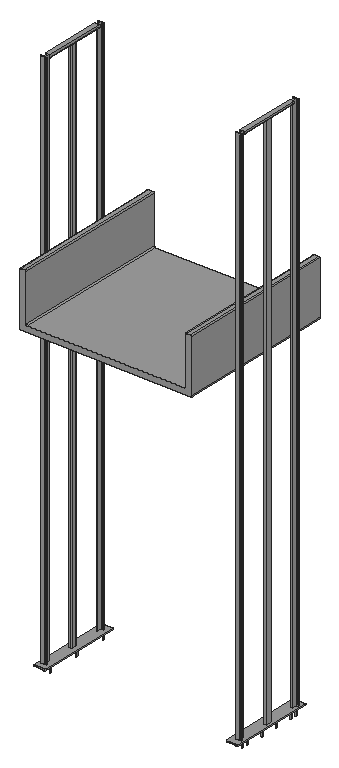
Revit family "1SE_Trez_TC_2C_2500_With_Pit", category Specialty Equipment, Revit 2019
Family settings
  Round Connector Dimension = Use Diameter
  Part Type = Normal
  Work Plane-Based = No
  Always vertical = Yes
  Cut with Voids When Loaded = Yes
  Shared = No
  Room Calculation Point = No
Parameters (values of type "Platform-2300x2300mm with Door Height 2500mm")
  Shaft = TREZ_Shaft_Space
  Safe Working Load = 2500.00 kg  # constant formula
  Safe Space = if(Cabin or Platform = Cabin, 900.0 mm, if(and(Cabin or Platform = Platform, Door Clear Height > 1900.0 mm), 600.0 mm, 0.0 mm))  # 600.0 mm
  Platform = Speciality_Equipment_Trez_Platform : Platform
  Door Clear Width = Clear Width  # 2300.0 mm
  Door Clear Height = 2500.0 mm
  Clear Width = 2300.0 mm
  URL = "https://trez.bg/en/products/goods-only-lift-tc/tc-2c-lift-2-cylinders/"
  Shaft Width = Real Width + 2 * Clearance  # 3040.0 mm
  Shaft Depth = Real Depth + 100.0 mm  # 2400.0 mm
  Tower Cladding Material = TREZ_Steel_Cladding
  Real Width = if(Clear Width < 1300.0 mm, 1300.0 mm, if(Clear Width > 2300.0 mm, 2300.0 mm, Clear Width))  # 2300.0 mm
  Real Depth = if(Clear Depth < 1300.0 mm, 1300.0 mm, if(Clear Depth > 2300.0 mm, 2300.0 mm, Clear Depth))  # 2300.0 mm
  Profiles Material = TREZ_Steel
  Platform Material = TREZ_Steel
  Pit Height = 250.0 mm  # constant formula
  Travel = 4500.0 mm
  Rail Height = Travel + Pit Height + Headroom  # 7850.0 mm
  Model = "TC 2C 2500"
  Manufacturer = "TREZ Ltd."
  Headroom = Door Clear Height + Safe Space  # 3100.0 mm
  Description = "Hydraulic goods only lift with two cylinders."  # constant formula
  Clear Depth = 2300.0 mm
  Created By URL = "https://all1studio.com/"
  Created By = "All 1 Studio Ltd."
  Clearance = 370.0 mm  # constant formula
  Cabin or Platform Back = no
  Cabin or Platform = Speciality_Equipment_Trez_Platform : Platform
  Cabin = Speciality_Equipment_Trez_Cabin : Cabin
Reference planes
  plane 1 "Center (Front/Back)": y = 0
  plane 2: z = 0
  plane 3 "Center (Left/Right)": x = 0
  plane 4: x = -1150
  plane 5: x = 1150
  plane 6: y = 1150
  plane 7: y = -1150
  plane 8: x = 1520
  plane 9: x = -1520
  plane 10: y = 1200
  plane 11: y = -1200
  plane 12: z = 4500
  plane 13 "Top of Lift": z = 7600
  plane 14 "Pit": z = -250
  plane 15: x = -1388.5
  plane 16: x = 1388.5
  plane 17: z = 7540
  plane 18: z = 40
  plane 19: z = -145
Forms (mm)
  Extrusion 1, void
    sketch origin (0, 0, 0) x (1, 0, 0) y (0, 1, 0)
      loop
        line (-1520, 1200) -> (-1520, -1200) -> (1520, -1200) -> (1520, 1200) -> (-1520, 1200)
    from 0 to -250
Lines and regions (mm)
  symbolic lines, style "Platform"
    curve 1: line (-1150, 1150, 0) -> (1150, 1150, 0)
    curve 2: line (-1150, -1150, 0) -> (-1150, 1150, 0)
    curve 3: line (1150, -1150, 0) -> (-1150, -1150, 0)
    curve 4: line (1150, 1150, 0) -> (1150, -1150, 0)
    curve 5: line (-1150, 1150, 0) -> (1150, -1150, 0)
    curve 6: line (1150, 1150, 0) -> (-1150, -1150, 0)
  symbolic lines, style "Shaft Volume"
    curve 7: line (-1520, 1200, 0) -> (1520, 1200, 0)
    curve 8: line (-1520, -1200, 0) -> (-1520, 1200, 0)
    curve 9: line (1520, -1200, 0) -> (-1520, -1200, 0)
    curve 10: line (1520, 1200, 0) -> (1520, -1200, 0)
    curve 11: line (-1520, 0, 7600) -> (1520, 0, 7600)
    curve 12: line (-1520, 0, 0) -> (-1520, 0, 7600)
    curve 13: line (1520, 0, 0) -> (-1520, 0, 0)
    curve 14: line (1520, 0, 7600) -> (1520, 0, 0)
    curve 15: line (0, 1200, 7600) -> (0, -1200, 7600)
    curve 16: line (0, 1200, 0) -> (0, 1200, 7600)
    curve 17: line (0, -1200, 0) -> (0, 1200, 0)
    curve 18: line (0, -1200, 7600) -> (0, -1200, 0)
Dimensions and locks
  equal spacing: plane 4, plane 3 "Center (Left/Right)", plane 5
  "Real Width": plane 4 to plane 5
  equal spacing: plane 7, plane 1 "Center (Front/Back)", plane 6
  "Real Depth": plane 7 to plane 6
  "Travel": plane 12 to level
  "Pit Height": level to plane 14 "Pit"
  "Headroom": plane 13 "Top of Lift" to plane 12
  locked: plane 13 "Top of Lift" to plane 17 at 60
  locked: plane 18 to level at 40
  locked: level to plane 19 at 145
  locked: plane 7 to plane 11 at 50
  locked: plane 6 to plane 10 at 50
  "Clearance": plane 9 to plane 4
  "Clearance": plane 5 to plane 8
  locked: plane 9 to plane 15 at 131.5
  locked: plane 16 to plane 8 at 131.5
  aligned and locked: level to plane 2
  aligned and locked: Extrusion 1 to plane 14 "Pit"
  aligned and locked: plane 1 "Center (Front/Back)" to nested 1
  aligned and locked: plane 3 "Center (Left/Right)" to nested 1
  aligned and locked: plane 15 to nested 2
  aligned and locked: nested 3 to plane 16
  aligned and locked: nested 2 to plane 14 "Pit"
  aligned and locked: plane 14 "Pit" to nested 3
  aligned and locked: plane 1 "Center (Front/Back)" to nested 2
  aligned and locked: nested 3 to plane 1 "Center (Front/Back)"
  aligned and locked: plane 12 to nested 1
  aligned and locked: plane 10 to curve 7
  aligned and locked: plane 9 to curve 8
  aligned and locked: plane 11 to curve 9
  aligned and locked: plane 8 to curve 10
  aligned and locked: curve 11 to plane 13 "Top of Lift"
  aligned and locked: plane 9 to curve 12
  aligned and locked: level to curve 13
  aligned and locked: plane 8 to curve 14
  aligned and locked: plane 13 "Top of Lift" to curve 15
  aligned and locked: curve 16 to plane 10
  aligned and locked: curve 17 to level
  aligned and locked: curve 18 to plane 11
  aligned and locked: plane 10 to Extrusion 1 sketch curve
  aligned and locked: plane 9 to Extrusion 1 sketch curve
  aligned and locked: plane 11 to Extrusion 1 sketch curve
  aligned and locked: plane 8 to Extrusion 1 sketch curve
Automatic sketch dimensions
  curve 3 to plane 4 = 0.0 mm
  curve 4 to plane 5 = 0.0 mm
  curve 3 to plane 7 = 0.0 mm
  plane 6 to curve 2 = 0.0 mm
Nested families
  nested 1: "Speciality_Equipment_Trez_Platform" at (0, 0, 4500), type <- "Cabin or Platform", type "Platform"
    with Width 2300.0 mm, Depth 2300.0 mm, Back Board no
  nested 2: "Generic_Model_Trez_Rails" at (-1388.5, 0, -250), type "Rails"
    with Height 7850.0 mm
  nested 3: "Generic_Model_Trez_Rails" at (1388.5, 0, -250) x (-1, 0, 0) z (0, 0, 1), type "Rails"
    with Height 7850.0 mm
Definition of nested family "Speciality_Equipment_Trez_Platform"
  Parameters (values of type "Speciality_Equipment_Trez_Platform")
    Width = 3600.0 mm
    Platform Material = none
    Depth = 2900.0 mm
    Back Board = yes
  Reference planes
    plane 1 "Center (Front/Back)": y = 0
    plane 2 "Bottom": z = 0
    plane 3 "Center (Left/Right)": x = 0
    plane 4: x = 1800
    plane 5: x = -1800
    plane 6: y = 1450
    plane 7: y = -1450
    plane 8: x = -1889
    plane 9: x = 1889
    plane 10: y = 1485
    plane 11: z = -89
    plane 12: z = 709
  Forms (mm)
    Extrusion 1, solid, material <- "Platform Material", visible <- "Back Board"
      sketch origin (0, 0, 0) x (1, 0, 0) y (0, 1, 0)
        loop
          line (-1889, 1485) -> (-1889, 1450) -> (1889, 1450) -> (1889, 1485) -> (-1889, 1485)
      from 0 to 709
    Extrusion 2, solid, material <- "Platform Material", detail levels coarse+medium
      sketch origin (0, 0, 0) x (1, 0, 0) y (0, 0, 1)
        loop
          line (-1800, 709) -> (-1889, 709) -> (-1889, -89) -> (1889, -89) -> (1889, 709) -> (1800, 709) -> (1800, 0) -> (-1800, 0) -> (-1800, 709)
      from -1450 to 1450
    Extrusion 3, solid, material <- "Platform Material", detail levels fine
      sketch origin (0, 0, 0) x (1, 0, 0) y (0, 0, 1)
        loop
          arc (-1874, 709) -> (-1884.607, 704.607) -> (-1889, 694) r 15
          line (-1889, 694) -> (-1889, -74)
          arc (-1889, -74) -> (-1884.607, -84.607) -> (-1874, -89) r 15
          line (-1874, -89) -> (1874, -89)
          arc (1874, -89) -> (1884.607, -84.607) -> (1889, -74) r 15
          line (1889, -74) -> (1889, 694)
          arc (1889, 694) -> (1884.607, 704.607) -> (1874, 709) r 15
          line (1874, 709) -> (1815, 709)
          arc (1815, 709) -> (1804.393, 704.607) -> (1800, 694) r 15
          line (1800, 694) -> (1800, 15)
          arc (1800, 15) -> (1795.607, 4.393) -> (1785, 0) r 15
          line (1785, 0) -> (-1785, 0)
          arc (-1785, 0) -> (-1795.607, 4.393) -> (-1800, 15) r 15
          line (-1800, 15) -> (-1800, 694)
          arc (-1800, 694) -> (-1804.393, 704.607) -> (-1815, 709) r 15
          line (-1815, 709) -> (-1874, 709)
      from -1450 to 1450
  Dimensions and locks
    equal spacing: plane 5, plane 3 "Center (Left/Right)", plane 4
    "Width": plane 5 to plane 4
    equal spacing: plane 7, plane 1 "Center (Front/Back)", plane 6
    "Depth": plane 6 to plane 7
    locked: plane 8 to plane 5 at 89
    locked: plane 4 to plane 9 at 89
    locked: plane 10 to plane 6 at 35
    locked: plane 2 "Bottom" to plane 11 at 89
    locked: plane 12 to plane 2 "Bottom" at 709
    aligned and locked: level to plane 2 "Bottom"
    aligned and locked: Extrusion 1 sketch curve to plane 10
    aligned and locked: plane 8 to Extrusion 1 sketch curve
    aligned and locked: plane 5 to Extrusion 2 sketch curve
    aligned and locked: plane 8 to Extrusion 2 sketch curve
    aligned and locked: Extrusion 2 sketch curve to plane 9
    aligned and locked: Extrusion 2 sketch curve to plane 4
    aligned and locked: Extrusion 2 sketch curve to plane 2 "Bottom"
    aligned and locked: Extrusion 2 sketch curve to plane 11
    aligned and locked: Extrusion 2 sketch curve to plane 12
    aligned and locked: Extrusion 2 to plane 6
    aligned and locked: Extrusion 2 to plane 7
    aligned and locked: Extrusion 3 sketch curve to plane 12
    aligned and locked: plane 8 to Extrusion 3 sketch curve
    aligned and locked: plane 5 to Extrusion 3 sketch curve
    aligned and locked: Extrusion 3 sketch curve to plane 4
    aligned and locked: Extrusion 3 sketch curve to plane 9
    aligned and locked: Extrusion 3 sketch curve to plane 2 "Bottom"
    aligned and locked: Extrusion 3 sketch curve to plane 11
    aligned and locked: Extrusion 3 to plane 7
    aligned and locked: Extrusion 3 to plane 6
  Automatic sketch dimensions
    plane 12 to Extrusion 2 sketch curve = 0.0 mm
    Extrusion 1 sketch curve to plane 6 = 0.0 mm
    Extrusion 1 sketch curve to plane 9 = 0.0 mm
    Extrusion 3 sketch curve to plane 12 = 0.0 mm
    Extrusion 3 sketch curve to Extrusion 3 sketch curve = 15.0 mm  (x4)
    plane 5 to Extrusion 3 sketch curve = 15.0 mm
    Extrusion 3 sketch curve to plane 4 = 15.0 mm
    plane 4 to Extrusion 3 sketch curve = 15.0 mm
    Extrusion 3 sketch curve to plane 9 = 15.0 mm
Definition of nested family "Generic_Model_Trez_Rails"
  Parameters (values of type "SE_Trez_Rails")
    Profiles Material = none
    Height = 8720.0 mm
  Reference planes
    plane 1 "Center (Front/Back)": y = 0
    plane 2: z = 0
    plane 3 "Center (Left/Right)": x = 0
    plane 4: x = 87.2
    plane 5: x = -87.2
    plane 6: y = 607.5
    plane 7: y = -607.5
    plane 8: z = 8720
    plane 9: z = 15
    plane 10: z = 8685
    plane 11: z = -95
  Forms (mm)
    Extrusion 1, solid, material <- "Profiles Material", detail levels fine
      sketch origin (0, 0, 0) x (1, 0, 0) y (0, 1, 0)
        loop
          line (77.2, 607.5) -> (-77.2, 607.5)
          arc (-77.2, 607.5) -> (-84.271, 604.571) -> (-87.2, 597.5) r 10
          line (-87.2, 597.5) -> (-87.2, -597.5)
          arc (-87.2, -597.5) -> (-84.271, -604.571) -> (-77.2, -607.5) r 10
          line (-77.2, -607.5) -> (77.2, -607.5)
          arc (77.2, -607.5) -> (84.271, -604.571) -> (87.2, -597.5) r 10
          line (87.2, -597.5) -> (87.2, 597.5)
          arc (87.2, 597.5) -> (84.271, 604.571) -> (77.2, 607.5) r 10
      from 0 to 15
    Extrusion 2, solid, material <- "Profiles Material", detail levels fine
      sketch origin (0, 0, 0) x (1, 0, 0) y (0, 1, 0)
        loop
          line (-61.5, -517.5) -> (28.5, -517.5) -> (28.5, -509.5) -> (-3.5, -509.5)
          arc (-3.5, -509.5) -> (-7.036, -508.036) -> (-8.5, -504.5) r 5
          line (-8.5, -504.5) -> (-8.5, -442.5) -> (-24.5, -442.5) -> (-24.5, -504.5)
          arc (-24.5, -504.5) -> (-25.964, -508.036) -> (-29.5, -509.5) r 5
          line (-29.5, -509.5) -> (-61.5, -509.5) -> (-61.5, -517.5)
        loop
          line (-37.94, -40) -> (-1.94, -40)
          arc (-1.94, -40) -> (8.667, -35.607) -> (13.06, -25) r 15
          line (13.06, -25) -> (13.06, 25)
          arc (13.06, 25) -> (8.667, 35.607) -> (-1.94, 40) r 15
          line (-1.94, 40) -> (-37.94, 40) -> (-37.94, -40)
        loop
          line (-61.5, 517.5) -> (-61.5, 509.5) -> (-29.5, 509.5)
          arc (-29.5, 509.5) -> (-25.964, 508.036) -> (-24.5, 504.5) r 5
          line (-24.5, 504.5) -> (-24.5, 442.5) -> (-8.5, 442.5) -> (-8.5, 504.5)
          arc (-8.5, 504.5) -> (-7.036, 508.036) -> (-3.5, 509.5) r 5
          line (-3.5, 509.5) -> (28.5, 509.5) -> (28.5, 517.5) -> (-61.5, 517.5)
      from 15 to 8720
    Extrusion 3, solid, material <- "Profiles Material", detail levels fine
      sketch origin (0, 0, 0) x (1, 0, 0) y (0, 0, 1)
        loop
          line (-51.5, 8720) -> (-51.5, 8690)
          arc (-51.5, 8690) -> (-50.036, 8686.464) -> (-46.5, 8685) r 5
          line (-46.5, 8685) -> (13.5, 8685)
          arc (13.5, 8685) -> (17.036, 8686.464) -> (18.5, 8690) r 5
          line (18.5, 8690) -> (18.5, 8720) -> (-51.5, 8720)
      from -442.5 to 442.5
    Extrusion 4, solid, material <- "Profiles Material", detail levels coarse+medium
      sketch origin (0, 0, 0) x (1, 0, 0) y (0, 1, 0)
        loop
          line (87.2, 607.5) -> (-87.2, 607.5) -> (-87.2, -607.5) -> (87.2, -607.5) -> (87.2, 607.5)
      from 0 to 15
    Extrusion 5, solid, material <- "Profiles Material", detail levels coarse+medium
      sketch origin (0, 0, 0) x (1, 0, 0) y (0, 1, 0)
        loop
          line (-61.5, -517.5) -> (28.5, -517.5) -> (28.5, -442.5) -> (-61.5, -442.5) -> (-61.5, -517.5)
        loop
          line (-37.94, -40) -> (13.06, -40) -> (13.06, 40) -> (-37.94, 40) -> (-37.94, -40)
        loop
          line (-61.5, 517.5) -> (-61.5, 442.5) -> (28.5, 442.5) -> (28.5, 517.5) -> (-61.5, 517.5)
      from 15 to 8720
    Extrusion 6, solid, material <- "Profiles Material", detail levels coarse+medium
      sketch origin (0, 0, 0) x (1, 0, 0) y (0, 0, 1)
        loop
          line (-51.5, 8720) -> (-51.5, 8690)
          arc (-51.5, 8690) -> (-50.036, 8686.464) -> (-46.5, 8685) r 5
          line (-46.5, 8685) -> (13.5, 8685)
          arc (13.5, 8685) -> (17.036, 8686.464) -> (18.5, 8690) r 5
          line (18.5, 8690) -> (18.5, 8720) -> (-51.5, 8720)
      from -442.5 to 442.5
    Extrusion 7, solid, material <- "Profiles Material", detail levels fine
      sketch origin (0, 0, 0) x (1, 0, 0) y (0, 1, 0)
        loop
          circle (46.2, 480) r 7.5
        loop
          circle (-43.8, 480) r 7.5
        loop
          circle (-43.8, 390) r 7.5
        loop
          circle (46.2, -480) r 7.5
        loop
          circle (-43.8, -480) r 7.5
        loop
          circle (-43.8, -390) r 7.5
        loop
          circle (-43.8, -130) r 7.5
        loop
          circle (-43.8, 130) r 7.5
        loop
          circle (46.2, 0.052) r 7.5
      from -95 to 0
  Cuts and joins
    joined: Extrusion 2, Extrusion 3
    joined: Extrusion 5, Extrusion 6
  Lines and regions (mm)
    symbolic lines
      curve 1: line (28.5, 442.5, 0) -> (-61.5, 442.5, 0)
      curve 2: line (28.5, 517.5, 0) -> (28.5, 442.5, 0)
      curve 3: line (-61.5, 517.5, 0) -> (28.5, 517.5, 0)
      curve 4: line (-61.5, 442.5, 0) -> (-61.5, 517.5, 0)
      curve 5: line (13.06, 40, 0) -> (-37.94, 40, 0)
      curve 6: line (13.06, -40, 0) -> (13.06, 40, 0)
      curve 7: line (-37.94, -40, 0) -> (13.06, -40, 0)
      curve 8: line (-37.94, 40, 0) -> (-37.94, -40, 0)
      curve 9: line (28.5, -442.5, 0) -> (-61.5, -442.5, 0)
      curve 10: line (28.5, -517.5, 0) -> (28.5, -442.5, 0)
      curve 11: line (-61.5, -517.5, 0) -> (28.5, -517.5, 0)
      curve 12: line (-61.5, -442.5, 0) -> (-61.5, -517.5, 0)
      curve 13: line (87.2, -607.5, 0) -> (-87.2, -607.5, 0)
      curve 14: line (87.2, 607.5, 0) -> (87.2, -607.5, 0)
      curve 15: line (-87.2, 607.5, 0) -> (87.2, 607.5, 0)
      curve 16: line (-87.2, -607.5, 0) -> (-87.2, 607.5, 0)
  Dimensions and locks
    equal spacing: plane 5, plane 3 "Center (Left/Right)", plane 4
    plane 5 to plane 4 = 174.4 mm
    equal spacing: plane 6, plane 1 "Center (Front/Back)", plane 7
    plane 7 to plane 6 = 1215.0 mm
    "Height": plane 8 to plane 2
    locked: plane 9 to plane 2 at 15
    locked: plane 8 to Extrusion 3 sketch curve at 35
    locked: plane 8 to plane 10 at 35
    locked: plane 2 to plane 11 at 95
    aligned and locked: level to plane 2
    aligned and locked: Extrusion 1 sketch curve to plane 6
    aligned and locked: plane 4 to Extrusion 1 sketch curve
    aligned and locked: Extrusion 1 sketch curve to plane 7
    aligned and locked: plane 5 to Extrusion 1 sketch curve
    aligned and locked: plane 8 to Extrusion 2
    aligned and locked: Extrusion 1 to plane 9
    aligned and locked: plane 9 to Extrusion 2
    aligned and locked: Extrusion 4 sketch curve to plane 6
    aligned and locked: plane 4 to Extrusion 4 sketch curve
    aligned and locked: Extrusion 4 sketch curve to plane 7
    aligned and locked: plane 5 to Extrusion 4 sketch curve
    aligned and locked: Extrusion 4 to plane 9
    aligned and locked: Extrusion 4 to plane 2
    aligned and locked: plane 8 to Extrusion 5
    aligned and locked: plane 8 to Extrusion 3 sketch curve
    aligned and locked: Extrusion 3 to Extrusion 5  (x2)
    aligned and locked: Extrusion 7 to plane 11
    aligned and locked: plane 2 to Extrusion 7
  Automatic sketch dimensions
    Extrusion 2 sketch curve to plane 5 = 25.7 mm  (x2)
    Extrusion 2 sketch curve to plane 3 "Center (Left/Right)" = 29.5 mm  (x2)
    Extrusion 2 sketch curve to Extrusion 2 sketch curve = 5.0 mm
    Extrusion 2 sketch curve to plane 3 "Center (Left/Right)" = 24.5 mm
    Extrusion 2 sketch curve to plane 3 "Center (Left/Right)" = 8.5 mm  (x2)
    Extrusion 2 sketch curve to plane 3 "Center (Left/Right)" = 3.5 mm  (x2)
    Extrusion 2 sketch curve to plane 3 "Center (Left/Right)" = 1.94 mm  (x2)
    Extrusion 2 sketch curve to Extrusion 2 sketch curve = 15.0 mm
    plane 3 "Center (Left/Right)" to Extrusion 2 sketch curve = 28.5 mm  (x2)
    plane 7 to Extrusion 2 sketch curve = 90.0 mm
    Extrusion 2 sketch curve to Extrusion 2 sketch curve = 8.0 mm  (x3)
    Extrusion 2 sketch curve to Extrusion 2 sketch curve = 62.0 mm  (x2)
    Extrusion 2 sketch curve to plane 1 "Center (Front/Back)" = 25.0 mm
    plane 6 to Extrusion 2 sketch curve = 165.0 mm
    Extrusion 2 sketch curve to Extrusion 2 sketch curve = 0.0 mm
    Extrusion 2 sketch curve to plane 3 "Center (Left/Right)" = 37.94 mm
    plane 1 "Center (Front/Back)" to Extrusion 2 sketch curve = 40.0 mm
    Extrusion 3 sketch curve to Extrusion 3 sketch curve = 5.0 mm  (x2)
    plane 3 "Center (Left/Right)" to Extrusion 3 sketch curve = 13.5 mm
    Extrusion 3 sketch curve to plane 5 = 40.7 mm
    Extrusion 1 sketch curve to plane 5 = 10.0 mm
    Extrusion 1 sketch curve to Extrusion 1 sketch curve = 10.0 mm
    Extrusion 1 sketch curve to plane 4 = 10.0 mm  (x2)
    Extrusion 5 sketch curve to plane 5 = 25.7 mm  (x2)
    Extrusion 5 sketch curve to plane 3 "Center (Left/Right)" = 37.94 mm
    plane 3 "Center (Left/Right)" to Extrusion 5 sketch curve = 28.5 mm  (x2)
    plane 3 "Center (Left/Right)" to Extrusion 5 sketch curve = 13.06 mm
    plane 7 to Extrusion 5 sketch curve = 90.0 mm
    plane 1 "Center (Front/Back)" to Extrusion 5 sketch curve = 40.0 mm
    plane 6 to Extrusion 5 sketch curve = 165.0 mm
    Extrusion 5 sketch curve to Extrusion 5 sketch curve = 75.0 mm  (x2)
    Extrusion 5 sketch curve to plane 1 "Center (Front/Back)" = 40.0 mm
    Extrusion 6 sketch curve to plane 8 = 0.0 mm
    Extrusion 6 sketch curve to plane 10 = 0.0 mm
    plane 10 to Extrusion 6 sketch curve = 5.0 mm  (x2)
    Extrusion 6 sketch curve to plane 5 = 35.7 mm
    plane 3 "Center (Left/Right)" to Extrusion 6 sketch curve = 13.5 mm
    curve 16 to plane 5 = 0.0 mm
    curve 15 to plane 4 = 0.0 mm
    curve 13 to plane 7 = 0.0 mm
    plane 6 to curve 15 = 0.0 mm
    curve 3 to plane 5 = 25.7 mm
    curve 12 to plane 5 = 25.7 mm
    curve 5 to plane 3 "Center (Left/Right)" = 37.94 mm
    plane 3 "Center (Left/Right)" to curve 5 = 13.06 mm
    plane 3 "Center (Left/Right)" to curve 11 = 28.5 mm
    plane 3 "Center (Left/Right)" to curve 2 = 28.5 mm
    plane 7 to curve 11 = 90.0 mm
    curve 10 to curve 10 = 75.0 mm
    plane 1 "Center (Front/Back)" to curve 7 = 40.0 mm
    curve 5 to plane 1 "Center (Front/Back)" = 40.0 mm
    plane 6 to curve 2 = 165.0 mm
    curve 1 to curve 3 = 75.0 mm
    Extrusion 7 sketch curve to plane 5 = 43.4 mm  (x6)
    Extrusion 7 sketch curve to plane 4 = 41.0 mm  (x3)
    plane 7 to Extrusion 7 sketch curve = 127.5 mm
    Extrusion 7 sketch curve to Extrusion 7 sketch curve = 0.0 mm  (x2)
    Extrusion 7 sketch curve to Extrusion 7 sketch curve = 90.0 mm  (x2)
    plane 6 to Extrusion 7 sketch curve = 217.5 mm
    Extrusion 7 sketch curve to plane 1 "Center (Front/Back)" = 0.052 mm
    plane 1 "Center (Front/Back)" to Extrusion 7 sketch curve = 130.0 mm
    Extrusion 7 sketch curve to plane 1 "Center (Front/Back)" = 130.0 mm
    radius of Extrusion 7 sketch curve = 7.5 mm  (x9)
